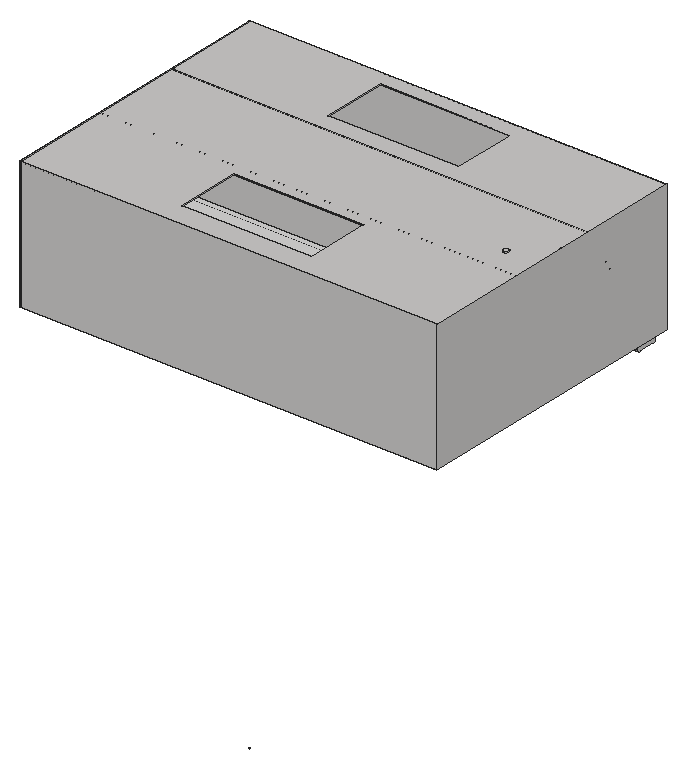
Revit family "QF_ELECTROLUXPROFESSIONAL_641250_STPF1116", category Specialty Equipment, Revit 2014
Reference planes
  plane 1: z = 0
  plane 2 "Center (Left/Right)": x = 150
  plane 3 "LEFT": x = -650
  plane 4 "RIGHT": x = 950
  plane 5 "BACK": y = 550
  plane 6 "TOP": z = 2500
  plane 7 "Base": z = 2000
  plane 8: z = 1955
  plane 9 "DrainY": y = 490
  plane 10: x = -647
  plane 11 "DrainX": x = 830
  plane 12 "AOLeft2": x = 400
  plane 13: x = 947
  plane 14: x = -450
  plane 15: x = 750
  plane 16 "Center (Front/Back)": y = -100
  plane 17 "Front": y = -550
  plane 18 "AOLeft1": x = -100
  plane 19: y = -464
  plane 20: y = -214
  plane 21: y = 240
  plane 22: y = 490
  plane 23 "EI_y": y = -70
  plane 24 "EIx": x = 830
Forms (mm)
  Extrusion 1, solid, material "QF_Finishes_Stainless Steel"
    sketch origin (-650, 0, 360) x (0, 1, 0) y (0, 0, 1)
      loop
        line (550, 1640) -> (550, 2140) -> (-550, 2140) -> (-550, 1640) -> (550, 1640)
    from 0 to 3
  Extrusion 2, solid, material "QF_Finishes_Stainless Steel"
    sketch origin (950, 0, 360) x (0, 1, 0) y (0, 0, 1)
      loop
        line (550, 1640) -> (550, 2140) -> (-550, 2140) -> (-550, 1640) -> (550, 1640)
    from 0 to -3
  Extrusion 3, solid, material "QF_Finishes_Stainless Steel"
    sketch origin (150, 0, 360) x (0, 1, 0) y (0, 0, 1)
      loop
        line (-550, 2140) -> (-550, 1640) -> (-540, 1640) -> (-540, 1640.8) -> (-549.2, 1640.8) -> (-549.2, 2139.19) -> (549.2, 2139.19) -> (549.2, 1640.8) -> (540, 1640.8) -> (540, 1640) -> (550, 1640) -> (550, 2140) -> (-550, 2140)
    from -800 to 800
  Extrusion 4, solid, material "QF_Finishes_Stainless Steel"
    sketch origin (0, 0, 2000) x (0, 1, 0) y (-1, 0, 0)
      loop
        circle (490, -830) r 4.763
    from -30 to 0
  Extrusion 5, void
    sketch origin (0, 0, 2500) x (0, 1, 0) y (-1, 0, 0)
      loop
        line (-214, -400) -> (-214, 100) -> (-464, 100) -> (-464, -400) -> (-214, -400)
    from 0 to -10
  Extrusion 6, solid, material "QF_Finishes_Stainless Steel"
    sketch origin (0, 0, 0) x (1, 0, 0) y (0, 1, 0)
      loop
        line (-650, 550) -> (-650, 549) -> (-649, 549) -> (-649, 550) -> (-650, 550)
    from 0 to 1
  Extrusion 7, solid, material "QF_LAMPS"
    sketch origin (150, 0, 360) x (0, 1, 0) y (0, 0, 1)
      loop
        line (-172.823, 1962.324) -> (-18.948, 2086.929) -> (-27.129, 2097.032) -> (-181.003, 1972.426) -> (-172.823, 1962.324)
    from 797 to -797
  Sweep 8, solid, material "QF_Finishes_Stainless Steel"
    path origin (0, 0, 0) x (1, 0, 0) y (0, 1, 0)
      loop
        line (950, 550) -> (-650, 550) -> (-650, -550) -> (950, -550) -> (950, 550)
    profile origin (950, 0, 0) x (1, 0, 0) y (0, 0, 1)
      loop
        line (-3, 2000) -> (-3, 2000.8) -> (-19, 2000.8) -> (-19, 2010) -> (-20, 2010) -> (-20, 2000) -> (-3, 2000)
  Extrusion 9, solid, material "QF_Finishes_Stainless Steel"
    sketch origin (150, 0, 0) x (0, 1, 0) y (0, 0, 1)
      loop
        line (414.66, 2095.469) -> (440.643, 2110.471) -> (261.744, 2411.771) -> (235.948, 2396.455) -> (414.66, 2095.469)
    from -797 to -600
  Extrusion 10, solid, material "QF_Finishes_Stainless Steel"
    sketch origin (830, 0, 0) x (0, 1, 0) y (0, 0, 1)
      loop
        line (539, 2000) -> (441, 2000) -> (441, 1989) -> (448.5, 1989) -> (448.5, 1965)
        arc (448.5, 1965) -> (451.429, 1957.929) -> (458.5, 1955) r 10
        line (458.5, 1955) -> (521.5, 1955)
        arc (521.5, 1955) -> (528.571, 1957.929) -> (531.5, 1965) r 10
        line (531.5, 1965) -> (531.5, 1989) -> (539, 1989) -> (539, 2000)
    from 90 to -90
  Extrusion 11, solid, material "QF_Finishes_Stainless Steel"
    sketch origin (150, 0, 0) x (0, 1, 0) y (0, 0, 1)
      loop
        line (414.66, 2095.469) -> (440.643, 2110.471) -> (261.744, 2411.771) -> (235.948, 2396.455) -> (414.66, 2095.469)
    from 600 to 797
  Extrusion 12, solid, material "QF_Finished_Chrome"
    sketch origin (150, 0, 0) x (0, 1, 0) y (0, 0, 1)
      loop
        line (414.66, 2095.469) -> (440.643, 2110.471) -> (261.744, 2411.771) -> (235.948, 2396.455) -> (414.66, 2095.469)
    from -600 to 600
  Extrusion 13, void
    sketch origin (0, 1180, 2500) x (0, 1, 0) y (-1, 0, 0)
      loop
        line (-690, -400) -> (-690, 100) -> (-940, 100) -> (-940, -400) -> (-690, -400)
    from 0 to -10
  Extrusion 14, solid, material "QF_Finishes_Stainless Steel"
    sketch origin (0, 0, 2500) x (0, 1, 0) y (-1, 0, 0)
      loop
        circle (-70, -830) r 10
    from 0 to 1.6
  Extrusion 15, solid, material "QF_Finishes_Stainless Steel"
    sketch origin (150, 0, 360) x (0, 1, 0) y (0, 0, 1)
      loop
        line (430.005, 1640) -> (540, 1640) -> (540, 1640.8) -> (430.467, 1640.8) -> (371.906, 1742.23) -> (414.858, 1734.657) -> (442.266, 1750.481) -> (442.266, 1765.943) -> (441.466, 1765.943) -> (441.466, 1750.943) -> (414.709, 1735.495) -> (321.153, 1751.991) -> (320.875, 1750.416) -> (371.4, 1741.507) -> (430.005, 1640)
      loop
        line (172.529, 2139.19) -> (242.893, 2017.316) -> (245.133, 2018.715) -> (240.13, 2027.381) -> (238.569, 2026.405) -> (173.453, 2139.19) -> (172.529, 2139.19)
    from -797 to 797
  Extrusion 16, solid, material "QF_Finishes_Stainless Steel"
    sketch origin (150, 200.8, 360) x (0, 1, 0) y (0, 0, 1)
      loop
        line (-750, 2139.19) -> (-750, 1640) -> (-686.602, 1640) -> (-599.146, 1690.493) -> (-610.058, 1709.394) -> (-666.564, 1676.77) -> (-714.704, 1680.982) -> (-749.2, 1730.248) -> (-749.2, 2139.19) -> (-750, 2139.19)
      loop
        line (-373.6, 1961.694) -> (-381.937, 1971.99) -> (-369.095, 1982.182) -> (-369.095, 2139.19) -> (-369.895, 2139.19) -> (-369.895, 1982.569) -> (-682.298, 1734.63) -> (-671.091, 1720.79) -> (-373.6, 1961.694)
      loop
        line (-227.61, 2099.216) -> (-218.171, 2087.559) -> (-154.411, 2139.19) -> (-155.682, 2139.19) -> (-218.052, 2088.684) -> (-226.989, 2099.719) -> (-227.61, 2099.216)
    from -797 to 797
  Extrusion 17, solid, material "QF_Finishes_Stainless Steel"
    sketch origin (0, 0, 2500) x (0, 1, 0) y (-1, 0, 0)
      loop
        circle (-70, -830) r 10
    from 0 to 1.6
Cuts and joins
  Extrusion 5, Extrusion 13 cuts Extrusion 3
  joined: Extrusion 2, Extrusion 3, Sweep 8
Lines and regions (mm)
  symbolic lines, style "SpecialityEquipment", detail levels coarse
    curve 1: line (950, 550, 2500) -> (-650, 550, 2500)
    curve 2: line (-650, 550, 2500) -> (-650, -550, 2500)
    curve 3: line (950, -550, 2500) -> (950, 550, 2500)
    curve 4: line (-650, 550, 0) -> (950, -550, 0)
    curve 5: line (950, 550, 0) -> (-650, -550, 0)
    curve 6: line (-650, -550, 0) -> (950, -550, 0)
  symbolic lines, detail levels coarse
    curve 7: line (-100, 240, 2500) -> (400, 240, 2500)
    curve 8: line (-100, 490, 2500) -> (-100, 240, 2500)
    curve 9: line (400, 490, 2500) -> (-100, 490, 2500)
    curve 10: line (400, 240, 2500) -> (400, 490, 2500)
    curve 11: line (-100, -214, 2500) -> (400, -214, 2500)
    curve 12: line (-100, -464, 2500) -> (-100, -214, 2500)
    curve 13: line (400, -464, 2500) -> (-100, -464, 2500)
    curve 14: line (400, -214, 2500) -> (400, -464, 2500)
Dimensions and locks
  plane 3 "LEFT" to plane 4 "RIGHT" = 1600 mm
  equal spacing: plane 3 "LEFT", plane 2 "Center (Left/Right)", plane 4 "RIGHT"
  plane 7 "Base" to plane 8 = 45 mm
  plane 5 "BACK" to plane 9 "DrainY" = 60 mm  (x2)
  plane 3 "LEFT" to plane 10 = 3 mm
  plane 11 "DrainX" to plane 4 "RIGHT" = 120 mm
  plane 13 to plane 4 "RIGHT" = 3 mm
  plane 3 "LEFT" to plane 14 = 200 mm
  plane 15 to plane 4 "RIGHT" = 200 mm
  locked: plane 7 "Base" to level at 2000
  locked: plane 6 "TOP" to plane 7 "Base" at 500
  locked: plane 20 to plane 19 at 250
  locked: plane 19 to plane 17 "Front" at 86
  locked: plane 22 to plane 21 at 250
  locked: plane 5 "BACK" to plane 22 at 60
  locked: plane 23 "EI_y" to plane 17 "Front" at 480
  locked: plane 24 "EIx" to plane 4 "RIGHT" at 120
  locked: plane 18 "AOLeft1" to plane 12 "AOLeft2" at 500
  equal spacing: plane 18 "AOLeft1", plane 2 "Center (Left/Right)", plane 12 "AOLeft2"
  locked: plane 5 "BACK" to plane 17 "Front" at 1100
  plane 5 "BACK" to plane 17 "Front" = 1100 mm
  aligned and locked: level to plane 1
  aligned and locked: plane 4 "RIGHT" to Extrusion 3
  aligned and locked: Extrusion 3 to plane 3 "LEFT"
  aligned and locked: Extrusion 2 to plane 13
  aligned and locked: Extrusion 9 to plane 10
  aligned and locked: Extrusion 5 to plane 18 "AOLeft1"
  aligned and locked: Extrusion 5 to plane 12 "AOLeft2"
  aligned and locked: plane 14 to Extrusion 9
  aligned and locked: plane 15 to Extrusion 11
  aligned and locked: plane 13 to Extrusion 11
  aligned and locked: Extrusion 12 to plane 14
  aligned and locked: Extrusion 12 to plane 15
  aligned and locked: plane 13 to Extrusion 7
  aligned and locked: Extrusion 7 to plane 10
  aligned and locked: Extrusion 13 to plane 21
  aligned and locked: plane 22 to Extrusion 13
  aligned and locked: Extrusion 13 to plane 18 "AOLeft1"
  aligned and locked: Extrusion 13 to plane 12 "AOLeft2"
  aligned and locked: Extrusion 15 to plane 10
  aligned and locked: plane 13 to Extrusion 15
  aligned and locked: Extrusion 5 to plane 19
  aligned and locked: plane 20 to Extrusion 5
  aligned and locked: Extrusion 16 to Extrusion 1
  aligned and locked: plane 13 to Extrusion 16
Automatic sketch dimensions
  curve 6 to plane 3 "LEFT" = 0 mm
  curve 4 to plane 3 "LEFT" = 0 mm
  curve 5 to plane 4 "RIGHT" = 0 mm
  curve 6 to plane 4 "RIGHT" = 0 mm
  curve 4 to plane 17 "Front" = 0 mm
  curve 4 to plane 5 "BACK" = 0 mm
  curve 5 to plane 5 "BACK" = 0 mm
  Extrusion 1 sketch curve to plane 7 "Base" = 0 mm
  Extrusion 1 sketch curve to plane 17 "Front" = 0 mm
  Extrusion 1 sketch curve to plane 5 "BACK" = 0 mm
  Extrusion 1 sketch curve to plane 6 "TOP" = 0 mm
  Extrusion 2 sketch curve to plane 7 "Base" = 0 mm
  Extrusion 2 sketch curve to plane 17 "Front" = 0 mm
  Extrusion 2 sketch curve to plane 5 "BACK" = 0 mm
  Extrusion 2 sketch curve to plane 6 "TOP" = 0 mm
  Extrusion 3 sketch curve to plane 6 "TOP" = 0 mm
  Extrusion 3 sketch curve to plane 17 "Front" = 0 mm
  Extrusion 3 sketch curve to plane 7 "Base" = 0 mm  (x2)
  Extrusion 3 sketch curve to plane 5 "BACK" = 0 mm
  plane 17 "Front" to Extrusion 3 sketch curve = 0.8 mm
  Extrusion 3 sketch curve to Extrusion 3 sketch curve = 9.2 mm
  plane 7 "Base" to Extrusion 3 sketch curve = 0.8 mm  (x2)
  Extrusion 3 sketch curve to plane 5 "BACK" = 10 mm
  Extrusion 3 sketch curve to plane 5 "BACK" = 0.8 mm
  Extrusion 3 sketch curve to plane 6 "TOP" = 0.81 mm
  Extrusion 4 sketch curve to plane 9 "DrainY" = 0 mm
  Extrusion 4 sketch curve to plane 11 "DrainX" = 0 mm
  Extrusion 5 sketch curve to plane 12 "AOLeft2" = 0 mm
  Extrusion 5 sketch curve to plane 18 "AOLeft1" = 0 mm
  plane 19 to Extrusion 5 sketch curve = 0 mm
  Extrusion 5 sketch curve to plane 23 "EI_y" = 144 mm
  Extrusion 6 sketch curve to plane 3 "LEFT" = 0 mm
  Extrusion 6 sketch curve to plane 5 "BACK" = 0 mm
  plane 3 "LEFT" to Extrusion 6 sketch curve = 1 mm
  Extrusion 6 sketch curve to Extrusion 6 sketch curve = 1 mm
  plane 20 to Extrusion 7 sketch curve = 32.997 mm
  Extrusion 7 sketch curve to Extrusion 7 sketch curve = 8.181 mm  (x2)
  plane 23 "EI_y" to Extrusion 7 sketch curve = 42.871 mm
  Extrusion 7 sketch curve to plane 6 "TOP" = 177.676 mm
  Extrusion 7 sketch curve to Extrusion 7 sketch curve = 10.102 mm
  Extrusion 7 sketch curve to plane 6 "TOP" = 53.071 mm
  Extrusion 7 sketch curve to Extrusion 7 sketch curve = 10.103 mm
  Sweep 8 sketch curve to plane 3 "LEFT" = 0 mm
  Sweep 8 sketch curve to plane 4 "RIGHT" = 0 mm
  Sweep 8 sketch curve to plane 17 "Front" = 0 mm
  Sweep 8 sketch curve to plane 5 "BACK" = 0 mm
  profile plane to Sweep 8 sketch curve = 20 mm
  Sweep 8 sketch curve to Sweep 8 sketch curve = 1 mm
  profile plane to Sweep 8 sketch curve = 3 mm
  level to Sweep 8 sketch curve = 2000 mm
  Sweep 8 sketch curve to Sweep 8 sketch curve = 0.8 mm
  Sweep 8 sketch curve to Sweep 8 sketch curve = 9.2 mm
  Extrusion 9 sketch curve to plane 21 = 4.052 mm
  plane 21 to Extrusion 9 sketch curve = 21.744 mm
  Extrusion 9 sketch curve to plane 9 "DrainY" = 75.34 mm
  Extrusion 9 sketch curve to Extrusion 9 sketch curve = 25.983 mm
  plane 7 "Base" to Extrusion 9 sketch curve = 95.469 mm
  Extrusion 9 sketch curve to Extrusion 9 sketch curve = 15.001 mm
  Extrusion 9 sketch curve to plane 6 "TOP" = 103.545 mm
  Extrusion 9 sketch curve to Extrusion 9 sketch curve = 15.316 mm
  Extrusion 10 sketch curve to plane 8 = 0 mm
  Extrusion 10 sketch curve to plane 7 "Base" = 11 mm  (x2)
  Extrusion 10 sketch curve to plane 9 "DrainY" = 49 mm
  Extrusion 10 sketch curve to Extrusion 10 sketch curve = 7.5 mm  (x2)
  Extrusion 10 sketch curve to Extrusion 10 sketch curve = 10 mm
  Extrusion 10 sketch curve to plane 5 "BACK" = 28.5 mm
  Extrusion 10 sketch curve to plane 5 "BACK" = 18.5 mm
  plane 7 "Base" to Extrusion 10 sketch curve = 0 mm
  Extrusion 11 sketch curve to plane 21 = 4.052 mm
  plane 21 to Extrusion 11 sketch curve = 21.744 mm
  Extrusion 11 sketch curve to plane 9 "DrainY" = 75.34 mm
  Extrusion 11 sketch curve to Extrusion 11 sketch curve = 25.983 mm
  plane 7 "Base" to Extrusion 11 sketch curve = 95.469 mm
  Extrusion 11 sketch curve to Extrusion 11 sketch curve = 15.001 mm
  Extrusion 11 sketch curve to plane 6 "TOP" = 103.545 mm
  Extrusion 11 sketch curve to Extrusion 11 sketch curve = 15.316 mm
  Extrusion 12 sketch curve to plane 21 = 4.052 mm
  plane 21 to Extrusion 12 sketch curve = 21.744 mm
  Extrusion 12 sketch curve to plane 9 "DrainY" = 75.34 mm
  Extrusion 12 sketch curve to Extrusion 12 sketch curve = 25.983 mm
  plane 7 "Base" to Extrusion 12 sketch curve = 95.469 mm
  Extrusion 12 sketch curve to Extrusion 12 sketch curve = 15.001 mm
  Extrusion 12 sketch curve to plane 6 "TOP" = 103.545 mm
  Extrusion 12 sketch curve to Extrusion 12 sketch curve = 15.316 mm
  Extrusion 13 sketch curve to plane 12 "AOLeft2" = 0 mm
  Extrusion 13 sketch curve to plane 21 = 0 mm
  Extrusion 13 sketch curve to plane 9 "DrainY" = 0 mm
  Extrusion 13 sketch curve to plane 18 "AOLeft1" = 0 mm
  Extrusion 14 sketch curve to plane 23 "EI_y" = 0 mm
  Extrusion 14 sketch curve to plane 24 "EIx" = 0 mm
  Extrusion 15 sketch curve to plane 7 "Base" = 0 mm
  Extrusion 15 sketch curve to plane 6 "TOP" = 0.81 mm
  Extrusion 15 sketch curve to plane 21 = 67.471 mm
  Extrusion 15 sketch curve to Extrusion 15 sketch curve = 0.924 mm
  Extrusion 15 sketch curve to plane 21 = 1.431 mm
  plane 21 to Extrusion 15 sketch curve = 0.13 mm
  plane 21 to Extrusion 15 sketch curve = 2.893 mm
  Extrusion 15 sketch curve to Extrusion 15 sketch curve = 2.24 mm
  plane 21 to Extrusion 15 sketch curve = 80.875 mm
  Extrusion 15 sketch curve to Extrusion 15 sketch curve = 0.278 mm
  Extrusion 15 sketch curve to Extrusion 15 sketch curve = 50.525 mm
  Extrusion 15 sketch curve to Extrusion 15 sketch curve = 0.506 mm
  Extrusion 15 sketch curve to Extrusion 15 sketch curve = 42.803 mm
  Extrusion 15 sketch curve to Extrusion 15 sketch curve = 0.148 mm
  Extrusion 15 sketch curve to plane 9 "DrainY" = 59.995 mm
  plane 7 "Base" to Extrusion 15 sketch curve = 0.8 mm
  Extrusion 15 sketch curve to Extrusion 15 sketch curve = 0.462 mm  (x2)
  Extrusion 15 sketch curve to Extrusion 15 sketch curve = 109.533 mm
  Extrusion 15 sketch curve to Extrusion 15 sketch curve = 26.757 mm
  Extrusion 15 sketch curve to Extrusion 15 sketch curve = 0.8 mm
  plane 7 "Base" to Extrusion 15 sketch curve = 94.657 mm
  Extrusion 15 sketch curve to Extrusion 15 sketch curve = 0.838 mm
  Extrusion 15 sketch curve to Extrusion 15 sketch curve = 6.012 mm
  Extrusion 15 sketch curve to Extrusion 15 sketch curve = 0.723 mm
  Extrusion 15 sketch curve to Extrusion 15 sketch curve = 14.986 mm
  Extrusion 15 sketch curve to Extrusion 15 sketch curve = 15 mm
  Extrusion 15 sketch curve to plane 6 "TOP" = 122.684 mm
  Extrusion 15 sketch curve to Extrusion 15 sketch curve = 1.399 mm
  Extrusion 15 sketch curve to Extrusion 15 sketch curve = 9.089 mm
  Extrusion 15 sketch curve to Extrusion 15 sketch curve = 0.975 mm
  Extrusion 16 sketch curve to plane 7 "Base" = 0 mm
  Extrusion 16 sketch curve to Extrusion 16 sketch curve = 0.8 mm  (x2)
  plane 7 "Base" to Extrusion 16 sketch curve = 40.982 mm
  Extrusion 16 sketch curve to Extrusion 16 sketch curve = 35.296 mm
  Extrusion 16 sketch curve to Extrusion 16 sketch curve = 28.102 mm
  plane 7 "Base" to Extrusion 16 sketch curve = 94.63 mm
  Extrusion 16 sketch curve to Extrusion 16 sketch curve = 32.405 mm
  plane 7 "Base" to Extrusion 16 sketch curve = 80.79 mm
  Extrusion 16 sketch curve to Extrusion 16 sketch curve = 11.207 mm
  plane 7 "Base" to Extrusion 16 sketch curve = 36.77 mm
  Extrusion 16 sketch curve to Extrusion 16 sketch curve = 20.038 mm
  plane 7 "Base" to Extrusion 16 sketch curve = 69.394 mm
  Extrusion 16 sketch curve to Extrusion 16 sketch curve = 61.033 mm
  plane 7 "Base" to Extrusion 16 sketch curve = 50.493 mm
  Extrusion 16 sketch curve to Extrusion 16 sketch curve = 10.912 mm
  Extrusion 16 sketch curve to plane 6 "TOP" = 168.01 mm
  Extrusion 16 sketch curve to Extrusion 16 sketch curve = 228.121 mm
  Extrusion 16 sketch curve to plane 6 "TOP" = 178.306 mm
  Extrusion 16 sketch curve to Extrusion 16 sketch curve = 8.337 mm
  Extrusion 16 sketch curve to plane 6 "TOP" = 157.431 mm
  Extrusion 16 sketch curve to Extrusion 16 sketch curve = 12.042 mm
  Extrusion 16 sketch curve to plane 6 "TOP" = 157.818 mm
  Extrusion 16 sketch curve to plane 6 "TOP" = 40.784 mm
  Extrusion 16 sketch curve to Extrusion 16 sketch curve = 141.485 mm
  Extrusion 16 sketch curve to plane 6 "TOP" = 40.281 mm
  Extrusion 16 sketch curve to Extrusion 16 sketch curve = 0.622 mm
  Extrusion 16 sketch curve to plane 6 "TOP" = 52.441 mm
  Extrusion 16 sketch curve to plane 6 "TOP" = 51.316 mm
  Extrusion 16 sketch curve to plane 6 "TOP" = 0.81 mm  (x3)
  Extrusion 16 sketch curve to Extrusion 16 sketch curve = 62.37 mm
  Extrusion 16 sketch curve to Extrusion 16 sketch curve = 1.271 mm
  Extrusion 16 sketch curve to Extrusion 16 sketch curve = 49.266 mm
  Extrusion 17 sketch curve to plane 23 "EI_y" = 0 mm
  Extrusion 17 sketch curve to plane 24 "EIx" = 0 mm
  plane 17 "Front" to Extrusion 16 sketch curve = 0.8 mm
  curve 2 to plane 3 "LEFT" = 0 mm
  curve 2 to plane 17 "Front" = 0 mm
  curve 3 to plane 4 "RIGHT" = 0 mm
  curve 3 to plane 17 "Front" = 0 mm
  curve 13 to plane 18 "AOLeft1" = 0 mm
  curve 13 to plane 19 = 0 mm
  curve 14 to plane 12 "AOLeft2" = 0 mm
  curve 14 to plane 20 = 0 mm
  curve 7 to plane 18 "AOLeft1" = 0 mm
  curve 7 to plane 21 = 0 mm
  curve 8 to plane 9 "DrainY" = 0 mm
  curve 2 to plane 5 "BACK" = 0 mm
  curve 10 to plane 12 "AOLeft2" = 0 mm
  radius of Extrusion 4 sketch curve = 4.763 mm
  radius of Extrusion 14 sketch curve = 10 mm
  radius of Extrusion 17 sketch curve = 10 mm
Connectors
  piping at (830, 490, 1970), diameter 9.5
    settings: on Extrusion 4, index 1, connector inside diameter 609.6 mm, connector length 0 mm, flow factor 0, pipe flow 0.0 L/s, pressure drop 0.0 Pa, fitting loss kfactor 0, connector angle 0.00°, fixture units 0, engagement length 0 mm, angle of deflection 0.00°, flow configuration 1, flow direction 2, fitting loss method 0, system type 16, joint type 0, gender type 0, connector reference index -1, connector utility 0, adjustable connector no, is connector primary yes, connector description "Drain"
  hvac at (150, -339, 2500)
    settings: on Extrusion 5, index 2, duct flow 0.0 L/s, flow factor 0, pres drop 0.0 Pa, loss coef 0, conn angle 0.00°, conn width 250 mm, conn height 500 mm, conn diameter 609.6 mm, duct sys type 1, conn prof type 1, flow config 1, flow direction 1, loss method 0, conn ref index -1, conn util no, is conn primary yes, conn desc "AIR INLET"
  hvac at (150, 365, 2500)
    settings: on Extrusion 13, index 4, duct flow 0.0 L/s, flow factor 0, pres drop 0.0 Pa, loss coef 0, conn angle 0.00°, conn width 250 mm, conn height 500 mm, conn diameter 609.6 mm, duct sys type 3, conn prof type 1, flow config 1, flow direction 2, loss method 0, conn ref index -1, conn util no, is conn primary no, conn desc "EXHAUST OUTLET"
  electrical at (830, -70, 2501.6)
    settings: on Extrusion 14, index 6, voltage 0 V, apparent load 0 VA, apparent load phase1 0 VA, apparent load phase2 0 VA, apparent load phase3 0 VA, power factor 1, load classification "Other", number of poles 1, system type 30, power factor state 1, is connector primary yes, connector utility no, sub classification motor no, connector description "Electrical Connection"
  electrical at (830, -70, 2501.6)
    settings: on Extrusion 17, index 12, voltage 0 V, apparent load 0 VA, apparent load phase1 0 VA, apparent load phase2 0 VA, apparent load phase3 0 VA, power factor 1, load classification "Other", number of poles 1, system type 30, power factor state 1, is connector primary no, connector utility no, sub classification motor no, connector description ""
